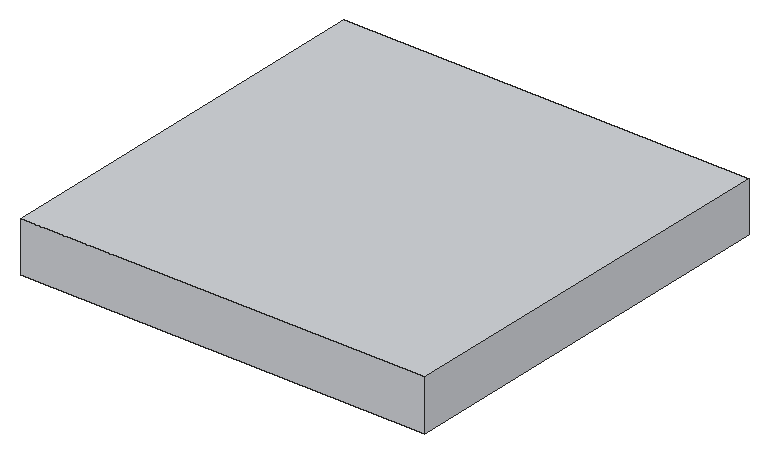
Revit family "00-5999-05-M1", category Luminarias, Revit 2019
Family settings
  Anfitrión = Cara
  Cota de conector redondo = Diámetro de uso
  Tipo de pieza = Normal
  Número OmniClass = 23.80.70.00
  Título OmniClass = Lighting
  Corte con vacíos al cargar = No
  Origen de luz = No
  Compartido = Sí
  Punto de cálculo de habitación = No
Parameters (values of type "00-5999-05-M1")
  Versión = "v1"
  Vatios (W) = 41
  Tipo de regulación = "ON-OFF"
  Tipo = "Pendant"
  Tender text (English) = "LedsC4 Tubs 900mm 00-5999-05-M1V2  Pendant for indoor use.   For downlighting. Structure material: Aluminium. Structure finish: Black. Diffuser material: Polycarbonate. Diffuser finish: Opal. Warranty: 5 Years.  Product net weight (Kg): 4 Product length (mm): 600 Product width or diameter (mm): 900 Product height (mm): 5000 Product aperture (mm): 5000  Class 1. IP: IP20. LED. No. of lampholders or LEDs: 1. Driver brand: HEP. Maximum power of light source: 36W. Colour temperature: 3000K. Colour rendering index: 90. MacAdam Steps: 3. Hours of life: 50.000h L80B20. UGR: 11.4. Photobiological risk: RG0. % de Flickering: +/- 5%. Real flux (lm): 1791. Real lm/W: 44. Voltage / frequency range: 120-277V/50-60 Hz. Voltage: 3. Equipment included: Yes. Total power: 41. Power factor: 0.90. Dimmable equipment included: ON-OFF."
  Tender text (Castellano) = "LedsC4 Tubs 900mm 00-5999-05-M1V2  Pendant for indoor use.   For downlighting. Structure material: Aluminium. Structure finish: Black. Diffuser material: Polycarbonate. Diffuser finish: Opal. Warranty: 5 Years.  Product net weight (Kg): 4 Product length (mm): 600 Product width or diameter (mm): 900 Product height (mm): 5000 Product aperture (mm): 5000  Class 1. IP: IP20. LED. No. of lampholders or LEDs: 1. Driver brand: HEP. Maximum power of light source: 36W. Colour temperature: 3000K. Colour rendering index: 90. MacAdam Steps: 3. Hours of life: 50.000h L80B20. UGR: 11.4. Photobiological risk: RG0. % de Flickering: +/- 5%. Real flux (lm): 1791. Real lm/W: 44. Voltage / frequency range: 120-277V/50-60 Hz. Voltage: 3. Equipment included: Yes. Total power: 41. Power factor: 0.90. Dimmable equipment included: ON-OFF."
  Temperatura color led (K) = "LED warm-white 3000K"
  Referencia = "00-5999-05-M1"
  Rayo de luz = "SPOT"
  Producto descatalogado = "Catalogado EN"
  Pluma comercial = ""
  Peso neto (KG) = 4
  Material = "Aluminium, Polycarbonate"
  Lumenes reales (lm) = 1791
  LDT = "https://files.ledsc4.com/ldt/00-5999-05-M1V2.html"
  Imagen web = "https://files.ledsc4.com/main-photo/00-5999-05-M1V2"
  IfcExportType = "NOTDEFINED"
  IfcExportAs = "IfcLightFixture\r\nIfcLightFixture"
  IP = "IP20"
  IMC = "https://files.ledsc4.com/imc/00-5999-05-M1V2.html"
  IK = ""
  Fuente de luz = ""
  Fotometría = "https://files.ledsc4.com/fm/00-5999-05-M1V2.html"
  Ficha = "https://files.ledsc4.com/ft/en/00-5999-05-M1V2.html"
  FechaVersion = "Creada: 07/05/2023"
  Familia = "Tubs 900mm"
  Fabricante = "LEDS C4"  # constant formula
  Etiqueta V/f = "100-240V/50-60Hz"
  Elevación por defecto = 1000 mm
  Eficiencia energética = "F"
  EAN13 = "8435381462352"
  DescripcionUniformat2010 = "Lighting"
  DescripcionUniclass2015 = "Lighting"
  DescripcionOmniclass = "Lighting"
  DescripcionGubimclass = "Iluminación interior"
  CodigoUniformat2010 = "D5040"
  CodigoUniclass2015 = "EF_70_80"
  CodigoOmniclass = "21-04 50 40"
  CodigoGubimclass = "50.60.50.20"
  Catálogo = "Decorative"
  Carga aparente = 0 VA
  CRI = 90
  Acabado = "Black, Opal"
Reference planes
  plane 1 "Centro (Frontal/Posterior)": y = 0
  plane 2: z = 0
  plane 3 "Centro (Izquierda/Derecha)": x = 0
  plane 4 "Elevación de origen de luz": z = 0
  plane 5 "Eje de origen de luz (F/P)": y = 0
  plane 6 "Eje de origen de luz (I/D)": x = 0
Forms (mm)
  Extrusion 1, solid
    sketch origin (0, 0, 0) x (1, 0, 0) y (0, 1, 0)
      loop
        line (-1219.2, 1219.2) -> (-1219.2, -1219.2) -> (1219.2, -1219.2) -> (1219.2, 1219.2) -> (-1219.2, 1219.2)
    from 0 to -304.8
Dimensions and locks
  aligned and locked: plane 2 to Extrusion 1
  aligned and locked: level to Extrusion 1
Connectors
  electrical at (0, 0, 0)
    settings: on Extrusion 1, index 1, voltage 0 V, apparent load 0 VA, apparent load phase1 0 VA, apparent load phase2 0 VA, apparent load phase3 0 VA, power factor 1, load classification "Otro", number of poles 1, system type 31, power factor state 1, is connector primary yes, connector utility no, sub classification motor no, connector description ""
